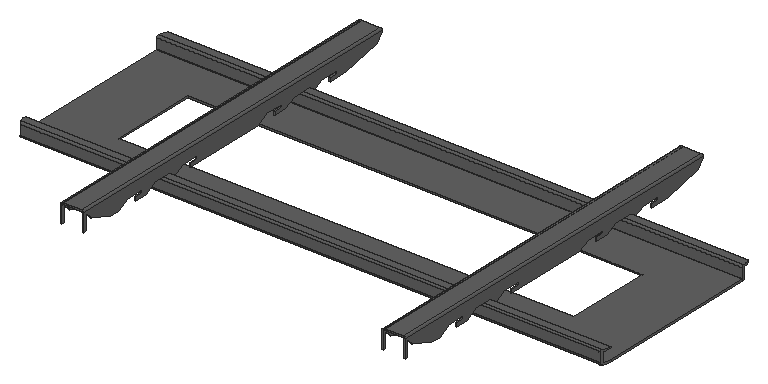
Revit family "Atdec-Bracket-TH-3070-UF-", category Generic Models, host Face, Revit 2016
Family settings
  Host = Face
  Part Type = Normal
  Can host rebar = No
  Round Connector Dimension = Use Diameter
  Cut with Voids When Loaded = No
  Shared = No
  Room Calculation Point = No
Parameters (values of type "TH-3070-UF")
  Weight, Single Unit = "5.92kg (13lb)"
  Weight, master carton = "24.6kg (54.2lb)"
  Warranty = "10 years"
  VESA mounting hole pattern, mm = "200x200, 200x300, 200x400, 300x200, 300x300, 400x200, 400x300, 400x400, 600x200, 600x400, 800x200, 800x400"
  Universal Height (mm) = "From 125 to 500"
  URL = "www.atdec.com.au"
  UPC Code = "881493004771"
  Tilt Adjustment = "-"
  Single units per master pack = "4"
  Single Unit Dimensions = "890mm (35\") Lenght, 277mm (10.9\") Width, 48mm (1.8\") Height"
  Security feature = "Can be secured with padlock (not included)"
  Range of Motion = "Fixed Angle"
  Product Information Link = "https://www.atdec.com.au/th-3070-uf"
  Product Family = "Wall Mount Rail"  # constant formula
  Universal Width (mm) = "From 180 to 800"
  Plate Finish [instance] = ATD-Powdercoat Black
  Pan Adjustment = "-"
  Model = "TH-3070-UF"
  Minimum distance from wall (mm) = "39mm (1.53\")"
  Maximum distance from wall (mm) = "39mm (1.53\")"
  Material = "Steel"
  Master Carton Dimensions = "900mm (35.4\") Lenght, 290mm (11.4\") Width, 210mm (8.2\") Height"
  Manufacturer = "Atdec"  # constant formula
  Flat screen maximum supported weight = "91kg (200lb)"
  Email Address = "support@atdec.com"
  Description = "Fixed angle wall mount"
  Default Elevation = 1219.2 mm
  Colour Options = "Black"
  Bracket Finish [instance] = ATD-Plastic Black
  Bracket Distance [instance] = 500 mm
  Backet Distance Restriction [instance] = if(Bracket Distance > 800 mm, 800 mm, Bracket Distance)  # 500 mm
  Assembly Code = "E1010800"
Reference planes
  plane 1 "Center (Front/Back)": y = 0
  plane 2: z = 0
  plane 3 "Center (Left/Right)": x = 0
  plane 4: x = -250
  plane 5: x = 250
Forms (mm)
  Extrusion 1, solid, material "ATD-Powdercoat Black" <- "Plate Finish"
    sketch origin (0, 0, 0) x (0, 1, 0) y (0, 0, 1)
      loop
        line (140, 17.59) -> (140, 19.59) -> (128, 19.59)
        arc (128, 19.59) -> (126.232, 18.858) -> (125.5, 17.09) r 2.5
        line (125.5, 17.09) -> (125.5, 2.59)
        arc (125.5, 2.59) -> (125.354, 2.236) -> (125, 2.09) r 0.5
        line (125, 2.09) -> (-125, 2.09)
        arc (-125, 2.09) -> (-125.354, 2.236) -> (-125.5, 2.59) r 0.5
        line (-125.5, 2.59) -> (-125.5, 17.09)
        arc (-125.5, 17.09) -> (-125.354, 17.444) -> (-125, 17.59) r 0.5
        line (-125, 17.59) -> (-113.5, 17.59) -> (-113.5, 19.59) -> (-125, 19.59)
        arc (-125, 19.59) -> (-126.768, 18.858) -> (-127.5, 17.09) r 2.5
        line (-127.5, 17.09) -> (-127.5, 2.59)
        arc (-127.5, 2.59) -> (-126.768, 0.822) -> (-125, 0.09) r 2.5
        line (-125, 0.09) -> (125, 0.09)
        arc (125, 0.09) -> (126.768, 0.822) -> (127.5, 2.59) r 2.5
        line (127.5, 2.59) -> (127.5, 17.09)
        arc (127.5, 17.09) -> (127.646, 17.444) -> (128, 17.59) r 0.5
        line (128, 17.59) -> (140, 17.59)
    from 430 to -430
  Extrusion 2, void
    sketch origin (0, 0, 0) x (1, 0, 0) y (0, 1, 0)
      loop
        arc (-424.656, 125) -> (-424.113, 132.813) -> (-421, 140) r 23.192
        line (-421, 140) -> (-435.24, 140) -> (-435.24, -127.5) -> (-420.793, -127.5)
        arc (-420.793, -127.5) -> (-424.032, -120.861) -> (-424.656, -113.5) r 20.108
        arc (-424.656, -113.5) -> (-418.673, 5.75) -> (-424.656, 125) r 1191.348
      loop
        arc (424.656, 125) -> (418.673, 5.75) -> (424.656, -113.5) r 1191.348
        arc (424.656, -113.5) -> (424.032, -120.861) -> (420.793, -127.5) r 20.108
        line (420.793, -127.5) -> (434.116, -127.5) -> (434.116, 140) -> (421, 140)
        arc (421, 140) -> (424.113, 132.813) -> (424.656, 125) r 23.192
      loop
        line (-330, 62.75) -> (-330, -62.75) -> (330, -62.75) -> (330, 62.75) -> (-330, 62.75)
    from 0.09 to 19.59
  Sweep 3, solid, material "ATD-Powdercoat Black" <- "Plate Finish"
    path origin (0, 0, 0) x (0, 1, 0) y (0, 0, 1)
      loop
        line (272.155, 15.5) -> (-267.845, 15.5)
    profile origin (0, 2.155, 15.5) x (0, 0, -1) y (1, 0, 0)
      loop
        line (5.2, -250) -> (5.2, -248) -> (-19.8, -248)
        arc (-19.8, -248) -> (-20.507, -247.707) -> (-20.8, -247) r 1
        line (-20.8, -247) -> (-20.8, -219.117)
        arc (-20.8, -219.117) -> (-20.507, -218.41) -> (-19.8, -218.117) r 1
        line (-19.8, -218.117) -> (5.2, -218.117) -> (5.2, -216.117) -> (-19.8, -216.117)
        arc (-19.8, -216.117) -> (-21.921, -216.996) -> (-22.8, -219.117) r 3
        line (-22.8, -219.117) -> (-22.8, -247)
        arc (-22.8, -247) -> (-21.921, -249.121) -> (-19.8, -250) r 3
        line (-19.8, -250) -> (5.2, -250)
      loop
        line (5.2, 250) -> (-19.8, 250)
        arc (-19.8, 250) -> (-21.921, 249.121) -> (-22.8, 247) r 3
        line (-22.8, 247) -> (-22.8, 219.117)
        arc (-22.8, 219.117) -> (-21.921, 216.996) -> (-19.8, 216.117) r 3
        line (-19.8, 216.117) -> (5.2, 216.117) -> (5.2, 218.117) -> (-19.8, 218.117)
        arc (-19.8, 218.117) -> (-20.507, 218.41) -> (-20.8, 219.117) r 1
        line (-20.8, 219.117) -> (-20.8, 247)
        arc (-20.8, 247) -> (-20.507, 247.707) -> (-19.8, 248) r 1
        line (-19.8, 248) -> (5.2, 248) -> (5.2, 250)
  Extrusion 4, void
    sketch origin (0, 0, 0) x (0, 1, 0) y (0, 0, 1)
      loop
        line (275.5, 38.001) -> (262.519, 23.068) -> (207.214, 10.3) -> (178.904, 10.3) -> (178.904, 15.017) -> (190, 15.793) -> (190, 19.5) -> (163.648, 19.5) -> (146.91, 10.3) -> (128.799, 10.3) -> (128.799, 15.017) -> (139.95, 15.796) -> (139.95, 19.5) -> (113.648, 19.5) -> (96.91, 10.3) -> (79.147, 10.3) -> (79.147, 15.034) -> (90.055, 15.796) -> (90.055, 19.5) -> (63.753, 19.5) -> (47.014, 10.3) -> (-74.096, 10.3) -> (-74.096, 15.017) -> (-63, 15.793) -> (-63, 19.5) -> (-89.352, 19.5) -> (-106.09, 10.3) -> (-124.201, 10.3) -> (-124.201, 15.017) -> (-113.05, 15.796) -> (-113.05, 19.5) -> (-139.352, 19.5) -> (-156.09, 10.3) -> (-173.853, 10.3) -> (-173.853, 15.034) -> (-162.945, 15.796) -> (-162.945, 19.5) -> (-189.247, 19.5) -> (-205.986, 10.3) -> (-219.568, 10.3) -> (-253.893, 22.793) -> (-264.5, 33.4) -> (-264.5, 0) -> (275.5, 0) -> (275.5, 38.001)
    from -250 to 250
Cuts and joins
  Extrusion 2 cuts Extrusion 1
  Extrusion 4 cuts Sweep 3
Dimensions and locks
  Extrusion 1 sketch curve to Extrusion 1 sketch curve to plane 1 "Center (Front/Back)" to Extrusion 1 sketch curve to Extrusion 1 sketch curve = 3 mm locked, 125 mm locked, 125 mm locked, 0 mm locked
  Extrusion 1 sketch curve to Extrusion 1 sketch curve to Extrusion 1 sketch curve to Extrusion 1 sketch curve to plane 2 = 2 mm locked, 0.5 mm locked, 14.5 mm locked, 2.59 mm locked
  Extrusion 1 sketch curve to Extrusion 1 sketch curve to Extrusion 1 sketch curve to Extrusion 1 sketch curve to Extrusion 1 sketch curve to Extrusion 1 sketch curve to plane 2 = 2 mm locked, 0.5 mm locked, 14.5 mm locked, 0.5 mm locked, 2 mm locked, 0.09 mm locked
  equal spacing: Extrusion 1, plane 3 "Center (Left/Right)", Extrusion 1
  locked: Extrusion 1 to Extrusion 1 at 860
  equal spacing: plane 4, plane 3 "Center (Left/Right)", plane 5
  "Backet Distance Restriction": plane 4 to plane 5
  locked: Sweep 3 sketch curve to plane 2 at 15.5
  Sweep 3 sketch curve to Sweep 3 sketch curve to Sweep 3 sketch curve to plane 4 = 2 mm locked, 29.883 mm locked, 2 mm locked
  Sweep 3 sketch curve to Sweep 3 sketch curve to Sweep 3 sketch curve to plane 5 = 2 mm locked, 29.883 mm locked, 2 mm locked
  aligned and locked: plane 2 to host face
  aligned and locked: level to host face
  aligned and locked: Extrusion 2 to Extrusion 1  (x2)
  aligned and locked: Extrusion 4 to plane 4
  aligned and locked: Extrusion 4 to plane 5
  aligned and locked: plane 4 to Sweep 3 sketch curve
Automatic sketch dimensions
  host sketch curve to host sketch curve = 981.521 mm
  host sketch curve to host sketch curve = 732.941 mm
  Extrusion 1 sketch curve to Extrusion 1 sketch curve = 0 mm  (x6)
  Extrusion 1 sketch curve to Extrusion 1 sketch curve = 11.5 mm
  Extrusion 1 sketch curve to Extrusion 1 sketch curve = 12 mm
  Extrusion 2 sketch curve to plane 1 "Center (Front/Back)" = 5.75 mm  (x2)
  Extrusion 2 sketch curve to plane 3 "Center (Left/Right)" = 1610.021 mm
  plane 1 "Center (Front/Back)" to Extrusion 2 sketch curve = 127.5 mm  (x2)
  Extrusion 2 sketch curve to plane 3 "Center (Left/Right)" = 435.24 mm
  Extrusion 2 sketch curve to Extrusion 2 sketch curve = 14.24 mm
  Extrusion 2 sketch curve to Extrusion 2 sketch curve = 14.447 mm
  Extrusion 2 sketch curve to Extrusion 2 sketch curve = 16.144 mm  (x2)
  Extrusion 2 sketch curve to Extrusion 2 sketch curve = 19.42 mm  (x2)
  Extrusion 2 sketch curve to Extrusion 2 sketch curve = 74.649 mm  (x2)
  Extrusion 2 sketch curve to plane 1 "Center (Front/Back)" = 62.75 mm
  plane 3 "Center (Left/Right)" to Extrusion 2 sketch curve = 330 mm
  Extrusion 2 sketch curve to Extrusion 2 sketch curve = 71.58 mm
  Extrusion 2 sketch curve to Extrusion 2 sketch curve = 13.116 mm
  Extrusion 2 sketch curve to Extrusion 2 sketch curve = 1175.905 mm
  Extrusion 2 sketch curve to Extrusion 2 sketch curve = 11.987 mm  (x2)
  plane 1 "Center (Front/Back)" to Extrusion 2 sketch curve = 62.75 mm
  Extrusion 2 sketch curve to Extrusion 2 sketch curve = 64.571 mm  (x2)
  Extrusion 2 sketch curve to Extrusion 2 sketch curve = 12.679 mm  (x2)
  Extrusion 2 sketch curve to Extrusion 2 sketch curve = 0 mm  (x2)
  Sweep 3 sketch curve to Sweep 3 sketch curve = 0 mm  (x7)
  profile plane to Sweep 3 sketch curve = 22.8 mm  (x2)
  Sweep 3 sketch curve to Sweep 3 sketch curve = 1 mm  (x4)
  Sweep 3 sketch curve to profile plane = 5.2 mm  (x4)
  Extrusion 4 sketch curve to level = 0 mm
  plane 1 "Center (Front/Back)" to Extrusion 4 sketch curve = 264.5 mm
  level to Extrusion 4 sketch curve = 22.793 mm
  Extrusion 4 sketch curve to Extrusion 4 sketch curve = 10.607 mm  (x2)
  level to Extrusion 4 sketch curve = 10.3 mm  (x6)
  Extrusion 4 sketch curve to Extrusion 4 sketch curve = 34.325 mm
  Extrusion 4 sketch curve to Extrusion 4 sketch curve = 13.583 mm
  Extrusion 4 sketch curve to Extrusion 4 sketch curve = 16.739 mm  (x6)
  Extrusion 4 sketch curve to Extrusion 4 sketch curve = 15.394 mm  (x2)
  Extrusion 4 sketch curve to Extrusion 4 sketch curve = 10.907 mm  (x2)
  Extrusion 4 sketch curve to Extrusion 4 sketch curve = 6.855 mm  (x2)
  level to Extrusion 4 sketch curve = 15.017 mm  (x2)
  Extrusion 4 sketch curve to Extrusion 4 sketch curve = 15.151 mm  (x2)
  Extrusion 4 sketch curve to Extrusion 4 sketch curve = 11.151 mm  (x2)
  Extrusion 4 sketch curve to Extrusion 4 sketch curve = 6.96 mm  (x2)
  Extrusion 4 sketch curve to Extrusion 4 sketch curve = 15.256 mm  (x2)
  level to Extrusion 4 sketch curve = 15.793 mm
  Extrusion 4 sketch curve to Extrusion 4 sketch curve = 11.096 mm  (x2)
  Extrusion 4 sketch curve to plane 1 "Center (Front/Back)" = 47.014 mm
  level to Extrusion 4 sketch curve = 19.5 mm
  level to Extrusion 4 sketch curve = 15.034 mm
  Extrusion 4 sketch curve to Extrusion 4 sketch curve = 17.214 mm
  Extrusion 4 sketch curve to Extrusion 4 sketch curve = 4.717 mm  (x3)
  Extrusion 4 sketch curve to Extrusion 4 sketch curve = 4.734 mm
  Extrusion 4 sketch curve to Extrusion 4 sketch curve = 0.776 mm
  Extrusion 4 sketch curve to Extrusion 4 sketch curve = 3.704 mm  (x2)
  Extrusion 4 sketch curve to Extrusion 4 sketch curve = 5.496 mm  (x3)
  Extrusion 4 sketch curve to Extrusion 4 sketch curve = 4.483 mm  (x2)
  Extrusion 4 sketch curve to Extrusion 4 sketch curve = 4.466 mm
  Extrusion 4 sketch curve to Extrusion 4 sketch curve = 3.707 mm
  level to Extrusion 4 sketch curve = 23.068 mm
  Extrusion 4 sketch curve to Extrusion 4 sketch curve = 55.304 mm
  level to Extrusion 4 sketch curve = 38.001 mm
  Extrusion 4 sketch curve to Extrusion 4 sketch curve = 12.981 mm
  plane 1 "Center (Front/Back)" to Sweep 3 sketch curve = 267.845 mm
  Sweep 3 sketch curve to plane 1 "Center (Front/Back)" = 272.155 mm
